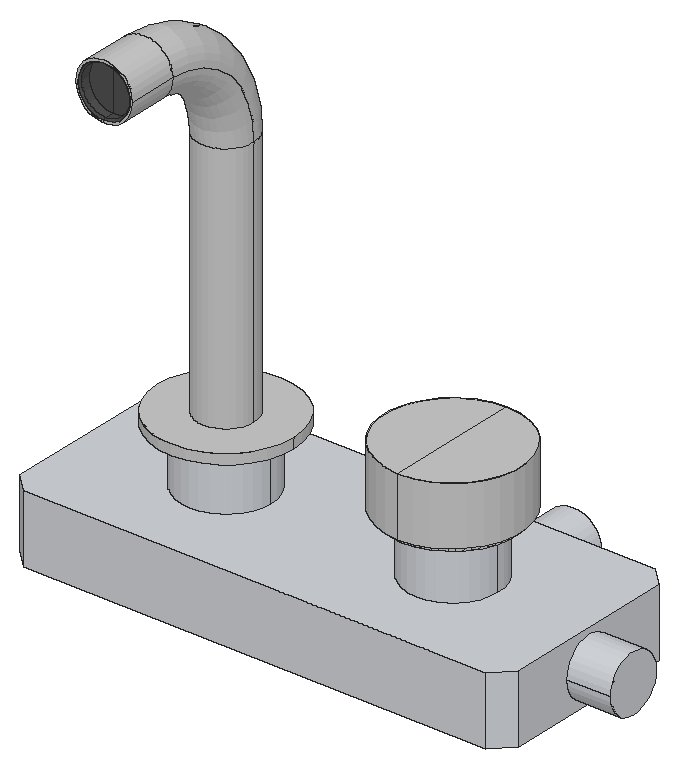
Revit family "Reece_Tap_Milli_Pure_Basin Mixer_Progressive_Wall Mounted_160 mm_Linear Texture", category Plumbing Fixtures, host Face, Revit 2018
Family settings
  Host = Face
  Round Connector Dimension = Use Diameter
  Part Type = Normal
  Cut with Voids When Loaded = No
  Shared = Yes
  Room Calculation Point = Yes
Parameters (values of type "Brushed Nickel")
  WFU = 0  # constant formula
  URL = "https://www.reece.com.au/product/-2224779"
  Type Comments = "Tap"
  Reece_Tap_Reach = 160 mm  # constant formula
  Reece_Tap_Inlet = 12 mm  # constant formula
  Reece_Product_Web Page = "https://www.reece.com.au/product/-2224779"
  Reece_Product_Type = "Tap"  # constant formula
  Reece_Product_Sub Brand = "Pure"  # constant formula
  Reece_Product_Number = "2224779"
  Reece_Product_Mount = "Wall Mounted"
  Reece_Product_Description = "Milli Pure Progressive Wall Basin Mixer Tap System 160mm with Linear Textured Handle Brushed Nickel (3 star)"
  Reece_Product_Brand = "Milli"  # constant formula
  Reece_Overall_Length = 172.5 mm  # constant formula
  Reece_Material_Secondary = Reece_Brass_Brushed Nickel_Linear Pattern
  Reece_Material-Main = Reece_Brass_Brushed Nickel
  Reece_Detail_Tap_Handle Texture = "Linear Texture"  # constant formula
  Reece_Detail_Installation = ""
  Reece_Detail_Disclaimer = "THIS FILE IS THE PROPERTY OF THE REECE GROUP. IT MAY NOT BE REPRODUCED, REVERSE-ENGINEERED OR MODIFIED. ANY REPUBLICATION, TRANSMISSION OR DISTRIBUTION FOR THE PURPOSE OF COMMERCIALLY EXPLOITING THE FILES IS PROHIBITED."  # constant formula
  Reece_Detail_Connector = ""
  Reece_Detail_Additional = "Basin Mixer"  # constant formula
  Reece_3D Texture = no
  Reece_3D Simplified Geometry = not(Reece_3D Texture)  # yes
  Model = "Pure"
  Manufacturer = "Milli"
  Keynote = "Product #2224779, Reece_Tap_Milli_Pure_Basin Mixer_Progressive_Wall Mounted_160 mm_Linear Texture - Brushed Nickel"
  HWFU = 0  # constant formula
  Disclaimer = "THIS FILE IS THE PROPERTY OF THE REECE GROUP. IT MAY NOT BE REPRODUCED, REVERSE-ENGINEERED OR MODIFIED. ANY REPUBLICATION, TRANSMISSION OR DISTRIBUTION FOR THE PURPOSE OF COMMERCIALLY EXPLOITING THE FILES IS PROHIBITED."  # constant formula
  Description = "Milli Pure Progressive Wall Basin Mixer Tap System 160mm with Linear Textured Handle Brushed Nickel (3 star)"
  Default Elevation = 1000 mm
  CWFU = 0  # constant formula
Types (7, lengths in mm): name | URL | Reece_Product_Web Page | Reece_Product_Number | Reece_Product_Description | Reece_Material_Secondary | Reece_Material-Main | Keynote | Description
  (no name) | "https://www.reece.com.au/product/-2224780" | "https://www.reece.com.au/product/-2224780" | "2224780" | "Milli Pure Progressive Wall Basin Mixer Tap System 160mm with Linear Textured Handle Brushed Gunmetal (3 star)" | Reece_Brass_Brushed Gunmetal_Linear Pattern | Reece_Brass_Brushed Gunmetal | "Product #2224780, Reece_Tap_Milli_Pure_Basin Mixer_Progressive_Wall Mounted_160 mm_Linear Texture -  " | "Milli Pure Progressive Wall Basin Mixer Tap System 160mm with Linear Textured Handle Brushed Gunmetal (3 star)"
  Brushed Gunmetal | "https://www.reece.com.au/product/-2224780" | "https://www.reece.com.au/product/-2224780" | "2224780" | "Milli Pure Progressive Wall Basin Mixer Tap System 160mm with Linear Textured Handle Brushed Gunmetal (3 star)" | Reece_Brass_Brushed Gunmetal_Linear Pattern | Reece_Brass_Brushed Gunmetal | "Product #2224780, Reece_Tap_Milli_Pure_Basin Mixer_Progressive_Wall Mounted_160 mm_Linear Texture - Brushed Gunmetal" | "Milli Pure Progressive Wall Basin Mixer Tap System 160mm with Linear Textured Handle Brushed Gunmetal (3 star)"
  Brushed Nickel | "https://www.reece.com.au/product/-2224779" | "https://www.reece.com.au/product/-2224779" | "2224779" | "Milli Pure Progressive Wall Basin Mixer Tap System 160mm with Linear Textured Handle Brushed Nickel (3 star)" | Reece_Brass_Brushed Nickel_Linear Pattern | Reece_Brass_Brushed Nickel | "Product #2224779, Reece_Tap_Milli_Pure_Basin Mixer_Progressive_Wall Mounted_160 mm_Linear Texture - Brushed Nickel" | "Milli Pure Progressive Wall Basin Mixer Tap System 160mm with Linear Textured Handle Brushed Nickel (3 star)"
  Chrome | "https://www.reece.com.au/product/-2224778" | "https://www.reece.com.au/product/-2224778" | "2224778" | "Milli Pure Progressive Wall Basin Mixer Tap System 160mm with Linear Textured Handle Chrome (3 star)" | Reece_Brass_Chrome_Linear Pattern | Reece_Brass_Chrome | "Product #2224778, Reece_Tap_Milli_Pure_Basin Mixer_Progressive_Wall Mounted_160 mm_Linear Texture - Chrome" | "Milli Pure Progressive Wall Basin Mixer Tap System 160mm with Linear Textured Handle Chrome (3 star)"
  Matte Black | "https://www.reece.com.au/product/-2224781" | "https://www.reece.com.au/product/-2224781" | "2224781" | "Milli Pure Progressive Wall Basin Mixer Tap System 160mm with Linear Textured Handle Matte Black (3 star)" | Reece_Brass_Matte Black_Linear Pattern | Reece_Brass_Matte Black | "Product #2224781, Reece_Tap_Milli_Pure_Basin Mixer_Progressive_Wall Mounted_160 mm_Linear Texture - Matte Black" | "Milli Pure Progressive Wall Basin Mixer Tap System 160mm with Linear Textured Handle Matte Black (3 star)"
  PVD Brushed Bronze | "https://www.reece.com.au/product/-9511041" | "https://www.reece.com.au/product/-9511041" | "9511041" | "Milli Pure Progressive Wall Basin Mixer Tap System 160mm with Linear Textured Handle PVD Brushed Bronze (3 Star)" | Reece_PVD_Brushed Bronze_Linear Pattern | Reece_PVD_Brushed Bronze | "Product #9511041, Reece_Tap_Milli_Pure_Basin Mixer_Progressive_Wall Mounted_160 mm_Linear Texture - PVD Brushed Bronze" | "Milli Pure Progressive Wall Basin Mixer Tap System 160mm with Linear Textured Handle PVD Brushed Bronze (3 Star)"
  PVD Brushed Gold | "https://www.reece.com.au/product/-9510856" | "https://www.reece.com.au/product/-9510856" | "9510856" | "Milli Pure Progressive Wall Basin Mixer Tap System 160mm with Linear Textured Handle PVD Brushed Gold (3 Star)" | Reece_PVD_Brushed Gold_Linear Pattern | Reece_PVD_Brushed Gold | "Product #9510856, Reece_Tap_Milli_Pure_Basin Mixer_Progressive_Wall Mounted_160 mm_Linear Texture - PVD Brushed Gold" | "Milli Pure Progressive Wall Basin Mixer Tap System 160mm with Linear Textured Handle PVD Brushed Gold (3 Star)"
Reference planes
  plane 1 "Center (Front/Back)": y = 0
  plane 2 "Bottom": z = 0
  plane 3 "Center (Left/Right)": x = 0
  plane 4 "Top": z = 172.5
  plane 5: z = 160
  plane 6: y = -67
Forms (mm)
  Extrusion 1, solid, material "Reece_Brass_Brushed Nickel" <- "Reece_Material-Main"
    sketch origin (0, 0, 0) x (1, 0, 0) y (0, 1, 0)
      loop
        circle (-50, 0) r 30
    from 0 to 4.5
  Extrusion 2, solid, material "Reece_Brass_Brushed Nickel" <- "Reece_Material-Main"
    sketch origin (0, 0, 0) x (1, 0, 0) y (0, 1, 0)
      loop
        circle (50, 0) r 28
    from 1.5 to 0
  Sweep 3, solid, material "Reece_Brass_Brushed Nickel" <- "Reece_Material-Main"
    path origin (0, 0, 0) x (0, 1, 0) y (0, 0, 1)
      loop
        line (-67, 160) -> (-45, 160)
        arc (-45, 160) -> (-13.18, 146.82) -> (0, 115) r 45
        line (0, 115) -> (0, 0)
    profile origin (0, 0, 57.5) x (1, 0, 0) y (0, 1, 0)
      loop
        circle (-50, 0) r 12.5
      loop
        circle (-50, 0) r 11.5
  Revolve 4, solid, material "Reece_Brass_Matte Black"
    sketch origin (-50, -183.21, 28.488) x (0, 0.572951, -0.81959) y (0, 0.81959, 0.572951)
      loop
        line (-38.39, 174.619) -> (-37.119, 176.437) -> (-46.38, 182.911) -> (-50.465, 177.068) -> (-49.461, 177.508) -> (-47.184, 180.766) -> (-38.39, 174.619)
      axis (-37.119, 176.437) -> (-41.203, 170.594)
    angle from 0 to 360
  Extrusion 5, solid
    sketch origin (0, 0, 0) x (1, 0, 0) y (0, 1, 0)
      loop
        circle (50, 0) r 20
    from 0 to -25
  Extrusion 6, solid
    sketch origin (0, 0, 0) x (1, 0, 0) y (0, 1, 0)
      loop
        line (-101.853, 46.5) -> (-110, 38.353) -> (-110, -38.353) -> (-101.853, -46.5) -> (101.853, -46.5) -> (110, -38.353) -> (110, 38.353) -> (101.853, 46.5) -> (-101.853, 46.5)
    from -55 to -25
  Extrusion 7, solid
    sketch origin (-100, 0, 0) x (1, 0, 0) y (0, 1, 0)
      loop
        circle (50, 0) r 20
    from 0 to -25
  Extrusion 8, solid
    sketch origin (0, 0, 0) x (1, 0, 0) y (0, 0, 1)
      loop
        circle (50, -40) r 12.5
    from -66.119 to -46.5
  Extrusion 9, solid
    sketch origin (63.5, 50, 0) x (0, -1, 0) y (0, 0, 1)
      loop
        circle (50, -40) r 12.5
    from -66.119 to -46.5
  Extrusion 10, void
    sketch origin (-100, 0, 0) x (1, 0, 0) y (0, 1, 0)
      loop
        circle (50, 0) r 25
    from 0 to -30
  Extrusion 11, void
    sketch origin (100, 0, 0) x (-1, 0, 0) y (0, -1, 0)
      loop
        circle (50, 0) r 25
    from 0 to -30
Cuts and joins
  Extrusion 11 cuts Extrusion 1
  Extrusion 11 cuts Sweep 3
  joined: Extrusion 1, Sweep 3
  Extrusion 11 cuts Extrusion 7
  Extrusion 11 cuts Extrusion 8
  Extrusion 11 cuts Extrusion 9
  joined: Extrusion 5, Extrusion 6, Extrusion 7, Extrusion 8, Extrusion 9
Text (mm)
  text "Reece Copyright © 2018, Reece Ltd." at (-1403.988, -1192.393, 0), in view "Ref. Level"
  text "Reece ©" at (44.384, 258.95, 192.345), in view "Reece Preview"
Dimensions and locks
  "Reece_Tap_Reach": plane 5 to plane 2 "Bottom"
  plane 1 "Center (Front/Back)" to plane 6 = 67 mm
  locked: plane 4 "Top" to plane 5 at 12.5
  "Reece_Overall_Length": plane 4 "Top" to plane 2 "Bottom"
  aligned and locked: plane 2 "Bottom" to host face
  aligned and locked: level to host face
  aligned and locked: plane 5 to Sweep 3 sketch curve
  aligned and locked: host face to Extrusion 10
  aligned and locked: plane 6 to Sweep 3 sketch curve
Automatic sketch dimensions
  host sketch curve to host sketch curve = 380.785 mm
  host sketch curve to host sketch curve = 317.421 mm
  plane 1 "Center (Front/Back)" to Extrusion 1 sketch curve = 0 mm
  Extrusion 1 sketch curve to plane 3 "Center (Left/Right)" = 50 mm
  plane 1 "Center (Front/Back)" to Extrusion 2 sketch curve = 0 mm
  plane 3 "Center (Left/Right)" to Extrusion 2 sketch curve = 50 mm
  level to Sweep 3 sketch curve = 0 mm
  Sweep 3 sketch curve to plane 1 "Center (Front/Back)" = 0 mm
  Sweep 3 sketch curve to plane 6 = 22 mm
  Sweep 3 sketch curve to Sweep 3 sketch curve = 0 mm  (x2)
  profile plane to Sweep 3 sketch curve = 0 mm
  Sweep 3 sketch curve to plane 3 "Center (Left/Right)" = 50 mm
  Revolve 4 sketch curve to plane 5 = 0 mm  (x4)
  Revolve 4 sketch curve to plane 6 = 0 mm
  Revolve 4 sketch curve to plane 4 "Top" = 1.2 mm
  Revolve 4 sketch curve to Revolve 4 sketch curve = 1.003 mm
  Revolve 4 sketch curve to Revolve 4 sketch curve = 2.278 mm
  Revolve 4 sketch curve to Revolve 4 sketch curve = 0.803 mm
  Revolve 4 sketch curve to Revolve 4 sketch curve = 1.271 mm
  Revolve 4 sketch curve to Revolve 4 sketch curve = 17.422 mm
  Revolve 4 sketch curve to Revolve 4 sketch curve = 3.892 mm
  Extrusion 5 sketch curve to Extrusion 5 sketch curve = 0 mm  (x2)
  plane 1 "Center (Front/Back)" to Extrusion 5 sketch curve = 0 mm
  plane 3 "Center (Left/Right)" to Extrusion 5 sketch curve = 50 mm
  Extrusion 5 sketch curve to Extrusion 5 sketch curve = 20 mm
  Extrusion 6 sketch curve to Extrusion 6 sketch curve = 8.147 mm  (x7)
  Extrusion 6 sketch curve to plane 1 "Center (Front/Back)" = 46.5 mm
  Extrusion 6 sketch curve to plane 3 "Center (Left/Right)" = 101.853 mm
  Extrusion 6 sketch curve to plane 6 = 20.5 mm
  Extrusion 6 sketch curve to Extrusion 6 sketch curve = 0 mm
  Extrusion 7 sketch curve to Extrusion 7 sketch curve = 0 mm  (x2)
  plane 1 "Center (Front/Back)" to Extrusion 7 sketch curve = 0 mm
  Extrusion 7 sketch curve to plane 3 "Center (Left/Right)" = 50 mm
  Extrusion 7 sketch curve to Extrusion 7 sketch curve = 20 mm
  plane 3 "Center (Left/Right)" to Extrusion 8 sketch curve = 50 mm
  Extrusion 8 sketch curve to level = 40 mm
  Extrusion 9 sketch curve to plane 1 "Center (Front/Back)" = 0 mm
  Extrusion 9 sketch curve to level = 40 mm
  Extrusion 10 sketch curve to Extrusion 10 sketch curve = 0 mm  (x2)
  plane 1 "Center (Front/Back)" to Extrusion 10 sketch curve = 0 mm
  Extrusion 10 sketch curve to plane 3 "Center (Left/Right)" = 50 mm
  Extrusion 10 sketch curve to Extrusion 10 sketch curve = 25 mm
  Extrusion 11 sketch curve to Extrusion 11 sketch curve = 0 mm  (x2)
  plane 1 "Center (Front/Back)" to Extrusion 11 sketch curve = 0 mm
  Extrusion 11 sketch curve to plane 3 "Center (Left/Right)" = 50 mm
  Extrusion 11 sketch curve to Extrusion 11 sketch curve = 25 mm
  plane 3 "Center (Left/Right)" to Extrusion 6 sketch curve = 101.853 mm
  radius of Extrusion 1 sketch curve = 30 mm
  radius of Extrusion 2 sketch curve = 28 mm
  radius of Sweep 3 sketch curve = 12.5 mm
  radius of Sweep 3 sketch curve = 11.5 mm
  radius of Extrusion 8 sketch curve = 12.5 mm
  radius of Extrusion 9 sketch curve = 12.5 mm
Nested families
  nested 1: "Reece_Tap_Milli_Pure_Diverter_Linear Texture_Cap_60mm" at (50, 0, 0), visible <- "Reece_3D Texture", Reece_Material-Main <- "Reece_Material-Main", Reece_Material_Secondary <- "Reece_Material_Secondary", type "60mm x 28mm"
    with Reece_Material_Secondary Reece_Brass_Brushed Nickel_Linear Pattern, Reece_Material-Main Reece_Brass_Brushed Nickel
  nested 2: "Reece_Tap_Milli_Pure_Diverter_Texture_Main_Nested" at (50, 0, 0), visible <- "Reece_3D Simplified Geometry", Reece_Material-Main <- "Reece_Material-Main", Reece_Material_Secondary <- "Reece_Material_Secondary", type "60mm x 28mm"
    with Reece_Material_Secondary Reece_Brass_Brushed Nickel_Linear Pattern, Reece_Material-Main Reece_Brass_Brushed Nickel
Connectors
  piping at (50, 66.119, -40), diameter 12, driven by "Reece_Tap_Inlet"
    settings: on cut or joined group of Extrusion 5, Extrusion 6, Extrusion 7, Extrusion 8, Extrusion 9, Extrusion 11, index 1, connector inside diameter 609.6 mm, connector length 0 mm, flow factor 0, pipe flow 0.0 L/s, pressure drop 0.0 Pa, fitting loss kfactor 0, connector angle 0.00°, fixture units 0, engagement length 0 mm, angle of deflection 0.00°, flow configuration 0, flow direction 1, fitting loss method 0, system type 29, joint type 0, gender type 0, connector reference index -1, connector utility 0, adjustable connector no, is connector primary yes, connector description ""
  piping at (129.619, 0, -40), diameter 12, driven by "Reece_Tap_Inlet"
    settings: on cut or joined group of Extrusion 5, Extrusion 6, Extrusion 7, Extrusion 8, Extrusion 9, Extrusion 11, index 2, connector inside diameter 609.6 mm, connector length 0 mm, flow factor 0, pipe flow 0.0 L/s, pressure drop 0.0 Pa, fitting loss kfactor 0, connector angle 0.00°, fixture units 0, engagement length 0 mm, angle of deflection 0.00°, flow configuration 0, flow direction 1, fitting loss method 0, system type 29, joint type 0, gender type 0, connector reference index -1, connector utility 0, adjustable connector no, is connector primary no, connector description ""
Definition of nested family "Reece_Tap_Milli_Pure_Diverter_Linear Texture_Cap_60mm"
  Parameters (values of type "60mm x 28mm")
    WFU = 0  # constant formula
    Reece_Tap_Inlet = 0 mm
    Reece_Overall_Length = 60 mm
    Reece_Overall_Height = 28 mm
    Reece_Material_Secondary [instance] = none
    Reece_Material-Main [instance] = none
    Reece_Detail_Installation = ""
    Reece_Detail_Connector = ""
    Reece_Detail_Additional = ""
    HWFU = 0  # constant formula
    Default Elevation = 1000 mm
    CWFU = 0  # constant formula
  Reference planes
    plane 1 "Center (Front/Back)": y = 0
    plane 2 "Bottom": z = 0
    plane 3 "Center (Left/Right)": x = 0
    plane 4: z = 28
    plane 5: y = -30
    plane 6: y = 30
  Forms (mm)
    Extrusion 1, solid
      sketch origin (619.2, -619.2, 0) x (1, 0, 0) y (0, 1, 0)
        loop
          line (-809.2, 779.2) -> (-809.2, 461.779) -> (-428.415, 461.779) -> (-428.415, 779.2) -> (-809.2, 779.2)
      from 0 to -9.564
    Revolve 2, solid, material <- "Reece_Material-Main"
      sketch origin (0, 0, -140.292) x (0, 1, 0) y (0, 0, 1)
        loop
          line (0, 148.292) -> (-30, 148.292) -> (-30, 142.292) -> (-27.915, 142.292) -> (-27.915, 140.292) -> (-25.915, 140.292) -> (-25.915, 144.803) -> (0, 144.803) -> (0, 148.292)
        axis (0, 140.292) -> (0, 148.292)
      angle from 0 to 360
    Extrusion 3, solid, material <- "Reece_Material-Main"
      sketch origin (300, 0, 0) x (1, 0, 0) y (0, 1, 0)
        loop
          arc (-296.155, 28.799) -> (-297.018, 29.853) -> (-298.073, 28.991) r 0.964
          arc (-298.073, 28.991) -> (-298.726, 29.95) -> (-299.664, 29.266) r 0.808
          arc (-299.664, 29.266) -> (-300.6, 29.978) -> (-301.291, 29.026) r 0.823
          arc (-301.291, 29.026) -> (-302.327, 29.911) -> (-303.213, 28.877) r 0.964
          arc (-303.213, 28.877) -> (-304.305, 29.691) -> (-305.121, 28.6) r 0.964
          arc (-305.121, 28.6) -> (-306.265, 29.34) -> (-307.007, 28.197) r 0.964
          arc (-307.007, 28.197) -> (-308.197, 28.86) -> (-308.861, 27.671) r 0.964
          arc (-308.861, 27.671) -> (-310.093, 28.253) -> (-310.677, 27.022) r 0.964
          arc (-310.677, 27.022) -> (-311.945, 27.522) -> (-312.445, 26.254) r 0.964
          arc (-312.445, 26.254) -> (-313.743, 26.669) -> (-314.159, 25.371) r 0.964
          arc (-314.159, 25.371) -> (-315.482, 25.699) -> (-315.811, 24.376) r 0.964
          arc (-315.811, 24.376) -> (-317.152, 24.615) -> (-317.393, 23.274) r 0.964
          arc (-317.393, 23.274) -> (-318.747, 23.423) -> (-318.898, 22.069) r 0.964
          arc (-318.898, 22.069) -> (-320.259, 22.129) -> (-320.32, 20.767) r 0.964
          arc (-320.32, 20.767) -> (-321.682, 20.736) -> (-321.652, 19.374) r 0.964
          arc (-321.652, 19.374) -> (-323.01, 19.253) -> (-322.89, 17.895) r 0.964
          arc (-322.89, 17.895) -> (-324.236, 17.684) -> (-324.026, 16.338) r 0.964
          arc (-324.026, 16.338) -> (-325.355, 16.038) -> (-325.057, 14.708) r 0.964
          arc (-325.057, 14.708) -> (-326.363, 14.321) -> (-325.977, 13.014) r 0.964
          arc (-325.977, 13.014) -> (-327.255, 12.541) -> (-326.783, 11.263) r 0.964
          arc (-326.783, 11.263) -> (-328.027, 10.706) -> (-327.471, 9.462) r 0.964
          arc (-327.471, 9.462) -> (-328.675, 8.824) -> (-328.038, 7.619) r 0.964
          arc (-328.038, 7.619) -> (-329.197, 6.902) -> (-328.482, 5.743) r 0.964
          arc (-328.482, 5.743) -> (-329.59, 4.951) -> (-328.8, 3.841) r 0.964
          arc (-328.8, 3.841) -> (-329.854, 2.978) -> (-328.991, 1.923) r 0.964
          arc (-328.991, 1.923) -> (-329.985, 0.991) -> (-329.055, -0.004) r 0.964
          arc (-329.055, -0.004) -> (-329.985, -1) -> (-328.991, -1.931) r 0.964
          arc (-328.991, -1.931) -> (-329.853, -2.986) -> (-328.799, -3.85) r 0.964
          arc (-328.799, -3.85) -> (-329.589, -4.96) -> (-328.48, -5.751) r 0.964
          arc (-328.48, -5.751) -> (-329.195, -6.911) -> (-328.036, -7.627) r 0.964
          arc (-328.036, -7.627) -> (-328.672, -8.832) -> (-327.468, -9.47) r 0.964
          arc (-327.468, -9.47) -> (-328.023, -10.714) -> (-326.78, -11.271) r 0.964
          arc (-326.78, -11.271) -> (-327.251, -12.549) -> (-325.973, -13.022) r 0.964
          arc (-325.973, -13.022) -> (-326.359, -14.329) -> (-325.052, -14.716) r 0.964
          arc (-325.052, -14.716) -> (-325.351, -16.045) -> (-324.021, -16.345) r 0.964
          arc (-324.021, -16.345) -> (-324.231, -17.691) -> (-322.884, -17.902) r 0.964
          arc (-322.884, -17.902) -> (-323.004, -19.259) -> (-321.647, -19.38) r 0.964
          arc (-321.647, -19.38) -> (-321.676, -20.743) -> (-320.314, -20.773) r 0.964
          arc (-320.314, -20.773) -> (-320.253, -22.135) -> (-318.891, -22.075) r 0.964
          arc (-318.891, -22.075) -> (-318.74, -23.429) -> (-317.386, -23.279) r 0.964
          arc (-317.386, -23.279) -> (-317.145, -24.62) -> (-315.804, -24.381) r 0.964
          arc (-315.804, -24.381) -> (-315.474, -25.703) -> (-314.152, -25.375) r 0.964
          arc (-314.152, -25.375) -> (-313.736, -26.673) -> (-312.438, -26.258) r 0.964
          arc (-312.438, -26.258) -> (-311.936, -27.525) -> (-310.669, -27.025) r 0.964
          arc (-310.669, -27.025) -> (-310.085, -28.256) -> (-308.853, -27.673) r 0.964
          arc (-308.853, -27.673) -> (-308.189, -28.863) -> (-306.998, -28.199) r 0.964
          arc (-306.998, -28.199) -> (-306.256, -29.342) -> (-305.113, -28.601) r 0.964
          arc (-305.113, -28.601) -> (-304.297, -29.693) -> (-303.205, -28.878) r 0.964
          arc (-303.205, -28.878) -> (-302.318, -29.912) -> (-301.282, -29.026) r 0.964
          arc (-301.282, -29.026) -> (-300.329, -30) -> (-299.354, -29.048) r 0.964
          arc (-299.354, -29.048) -> (-298.339, -29.956) -> (-297.429, -28.941) r 0.964
          arc (-297.429, -28.941) -> (-296.356, -29.78) -> (-295.516, -28.707) r 0.964
          arc (-295.516, -28.707) -> (-294.389, -29.472) -> (-293.622, -28.346) r 0.964
          arc (-293.622, -28.346) -> (-292.446, -29.035) -> (-291.756, -27.861) r 0.964
          arc (-291.756, -27.861) -> (-290.537, -28.47) -> (-289.926, -27.252) r 0.964
          arc (-289.926, -27.252) -> (-288.67, -27.78) -> (-288.141, -26.524) r 0.964
          arc (-288.141, -26.524) -> (-286.852, -26.968) -> (-286.408, -25.679) r 0.964
          arc (-286.408, -25.679) -> (-285.093, -26.036) -> (-284.735, -24.722) r 0.964
          arc (-284.735, -24.722) -> (-283.399, -24.99) -> (-283.129, -23.655) r 0.964
          arc (-283.129, -23.655) -> (-281.778, -23.834) -> (-281.597, -22.484) r 0.964
          arc (-281.597, -22.484) -> (-280.238, -22.573) -> (-280.147, -21.214) r 0.964
          arc (-280.147, -21.214) -> (-278.784, -21.213) -> (-278.783, -19.85) r 0.964
          arc (-278.783, -19.85) -> (-277.424, -19.759) -> (-277.514, -18.399) r 0.964
          arc (-277.514, -18.399) -> (-276.163, -18.218) -> (-276.343, -16.868) r 0.964
          arc (-276.343, -16.868) -> (-275.007, -16.597) -> (-275.276, -15.262) r 0.964
          arc (-275.276, -15.262) -> (-273.962, -14.903) -> (-274.319, -13.588) r 0.964
          arc (-274.319, -13.588) -> (-273.03, -13.144) -> (-273.474, -11.855) r 0.964
          arc (-273.474, -11.855) -> (-272.218, -11.326) -> (-272.746, -10.07) r 0.964
          arc (-272.746, -10.07) -> (-271.528, -9.459) -> (-272.138, -8.24) r 0.964
          arc (-272.138, -8.24) -> (-270.964, -7.549) -> (-271.653, -6.374) r 0.964
          arc (-271.653, -6.374) -> (-270.527, -5.607) -> (-271.293, -4.48) r 0.964
          arc (-271.293, -4.48) -> (-270.22, -3.64) -> (-271.059, -2.566) r 0.964
          arc (-271.059, -2.566) -> (-270.044, -1.657) -> (-270.952, -0.641) r 0.964
          arc (-270.952, -0.641) -> (-270, 0.333) -> (-270.974, 1.287) r 0.964
          arc (-270.974, 1.287) -> (-270.088, 2.322) -> (-271.123, 3.209) r 0.964
          arc (-271.123, 3.209) -> (-270.308, 4.301) -> (-271.399, 5.117) r 0.964
          arc (-271.399, 5.117) -> (-270.659, 6.261) -> (-271.802, 7.002) r 0.964
          arc (-271.802, 7.002) -> (-271.138, 8.193) -> (-272.328, 8.857) r 0.964
          arc (-272.328, 8.857) -> (-271.745, 10.089) -> (-272.977, 10.673) r 0.964
          arc (-272.977, 10.673) -> (-272.477, 11.941) -> (-273.744, 12.442) r 0.964
          arc (-273.744, 12.442) -> (-273.329, 13.74) -> (-274.627, 14.156) r 0.964
          arc (-274.627, 14.156) -> (-274.299, 15.478) -> (-275.621, 15.807) r 0.964
          arc (-275.621, 15.807) -> (-275.382, 17.149) -> (-276.723, 17.389) r 0.964
          arc (-276.723, 17.389) -> (-276.574, 18.744) -> (-277.928, 18.895) r 0.964
          arc (-277.928, 18.895) -> (-277.868, 20.256) -> (-279.23, 20.317) r 0.964
          arc (-279.23, 20.317) -> (-279.261, 21.679) -> (-280.623, 21.65) r 0.964
          arc (-280.623, 21.65) -> (-280.744, 23.007) -> (-282.101, 22.887) r 0.964
          arc (-282.101, 22.887) -> (-282.312, 24.233) -> (-283.659, 24.024) r 0.964
          arc (-283.659, 24.024) -> (-283.958, 25.353) -> (-285.288, 25.055) r 0.964
          arc (-285.288, 25.055) -> (-285.675, 26.361) -> (-286.982, 25.975) r 0.964
          arc (-286.982, 25.975) -> (-287.455, 27.253) -> (-288.733, 26.781) r 0.964
          arc (-288.733, 26.781) -> (-289.29, 28.025) -> (-290.534, 27.47) r 0.964
          arc (-290.534, 27.47) -> (-291.172, 28.674) -> (-292.377, 28.037) r 0.964
          arc (-292.377, 28.037) -> (-293.093, 29.196) -> (-294.253, 28.481) r 0.964
          arc (-294.253, 28.481) -> (-295.045, 29.59) -> (-296.155, 28.799) r 0.964
      from 8 to 28
  Text (mm)
    text "Reece Copyright © 2018, Reece Ltd." at (-1403.988, -1192.393, 0), in view "Ref. Level"
    text "Reece ©" at (44.384, 258.95, 192.345), in view "Reece Preview"
  Dimensions and locks
    "Reece_Overall_Height": plane 4 to plane 2 "Bottom"
    "Reece_Overall_Length": plane 5 to plane 6
    equal spacing: plane 6, plane 1 "Center (Front/Back)", plane 5
    aligned and locked: plane 2 "Bottom" to Extrusion 1
    aligned and locked: level to Extrusion 1
    aligned and locked: plane 4 to Extrusion 3
  Automatic sketch dimensions
    Extrusion 1 sketch curve to Extrusion 1 sketch curve = 380.785 mm
    Extrusion 1 sketch curve to Extrusion 1 sketch curve = 317.421 mm
    level to Revolve 2 sketch curve = 0 mm
    Revolve 2 sketch curve to plane 1 "Center (Front/Back)" = 0 mm  (x2)
    level to Revolve 2 sketch curve = 2 mm
    level to Revolve 2 sketch curve = 4.511 mm
    Revolve 2 sketch curve to Revolve 2 sketch curve = 3.489 mm
    plane 4 to Revolve 2 sketch curve = 17.996 mm
    Revolve 2 sketch curve to Revolve 2 sketch curve = 3.712 mm
    Revolve 2 sketch curve to plane 5 = 0 mm
    Extrusion 3 sketch curve to plane 1 "Center (Front/Back)" = 0.959 mm
    Extrusion 3 sketch curve to plane 3 "Center (Left/Right)" = 29.022 mm
    plane 1 "Center (Front/Back)" to Extrusion 3 sketch curve = 0.968 mm
    Extrusion 3 sketch curve to Extrusion 3 sketch curve = 0 mm
    Extrusion 3 sketch curve to Extrusion 3 sketch curve = 0.128 mm  (x2)
    Extrusion 3 sketch curve to Extrusion 3 sketch curve = 0.255 mm  (x2)
    Extrusion 3 sketch curve to Extrusion 3 sketch curve = 0.381 mm  (x2)
    Extrusion 3 sketch curve to Extrusion 3 sketch curve = 0.505 mm
    Extrusion 3 sketch curve to Extrusion 3 sketch curve = 0.506 mm
    Extrusion 3 sketch curve to Extrusion 3 sketch curve = 0.627 mm
    Extrusion 3 sketch curve to Extrusion 3 sketch curve = 0.628 mm  (x2)
    Extrusion 3 sketch curve to Extrusion 3 sketch curve = 0.747 mm  (x3)
    Extrusion 3 sketch curve to Extrusion 3 sketch curve = 0.863 mm  (x2)
    Extrusion 3 sketch curve to Extrusion 3 sketch curve = 0.864 mm
    Extrusion 3 sketch curve to Extrusion 3 sketch curve = 0.975 mm
    Extrusion 3 sketch curve to Extrusion 3 sketch curve = 0.976 mm  (x2)
    Extrusion 3 sketch curve to Extrusion 3 sketch curve = 1.084 mm  (x3)
    Extrusion 3 sketch curve to Extrusion 3 sketch curve = 1.187 mm  (x3)
    Extrusion 3 sketch curve to Extrusion 3 sketch curve = 1.285 mm  (x3)
    Extrusion 3 sketch curve to Extrusion 3 sketch curve = 1.377 mm  (x2)
    Extrusion 3 sketch curve to Extrusion 3 sketch curve = 1.378 mm
    Extrusion 3 sketch curve to Extrusion 3 sketch curve = 1.464 mm  (x3)
    Extrusion 3 sketch curve to Extrusion 3 sketch curve = 1.544 mm  (x3)
    Extrusion 3 sketch curve to Extrusion 3 sketch curve = 1.617 mm  (x3)
    Extrusion 3 sketch curve to Extrusion 3 sketch curve = 1.683 mm  (x3)
    Extrusion 3 sketch curve to Extrusion 3 sketch curve = 1.741 mm  (x3)
    Extrusion 3 sketch curve to Extrusion 3 sketch curve = 1.792 mm  (x3)
    Extrusion 3 sketch curve to Extrusion 3 sketch curve = 1.835 mm  (x3)
    Extrusion 3 sketch curve to Extrusion 3 sketch curve = 1.87 mm  (x3)
    Extrusion 3 sketch curve to Extrusion 3 sketch curve = 1.897 mm  (x3)
    Extrusion 3 sketch curve to Extrusion 3 sketch curve = 1.915 mm  (x3)
    Extrusion 3 sketch curve to plane 3 "Center (Left/Right)" = 0.48 mm
    Extrusion 3 sketch curve to plane 3 "Center (Left/Right)" = 0.318 mm
    plane 3 "Center (Left/Right)" to Extrusion 3 sketch curve = 1.136 mm
    plane 3 "Center (Left/Right)" to Extrusion 3 sketch curve = 1.608 mm
    Extrusion 3 sketch curve to Extrusion 3 sketch curve = 1.75 mm
    Extrusion 3 sketch curve to Extrusion 3 sketch curve = 1.919 mm  (x2)
    Extrusion 3 sketch curve to Extrusion 3 sketch curve = 1.91 mm  (x2)
    Extrusion 3 sketch curve to Extrusion 3 sketch curve = 1.904 mm  (x2)
    Extrusion 3 sketch curve to Extrusion 3 sketch curve = 1.889 mm  (x3)
    Extrusion 3 sketch curve to Extrusion 3 sketch curve = 1.88 mm  (x2)
    Extrusion 3 sketch curve to Extrusion 3 sketch curve = 1.859 mm  (x3)
    Extrusion 3 sketch curve to Extrusion 3 sketch curve = 1.848 mm  (x2)
    Extrusion 3 sketch curve to Extrusion 3 sketch curve = 1.822 mm  (x3)
    Extrusion 3 sketch curve to Extrusion 3 sketch curve = 1.807 mm  (x2)
    Extrusion 3 sketch curve to Extrusion 3 sketch curve = 1.776 mm  (x3)
    Extrusion 3 sketch curve to Extrusion 3 sketch curve = 1.759 mm  (x2)
    Extrusion 3 sketch curve to Extrusion 3 sketch curve = 1.723 mm  (x3)
    Extrusion 3 sketch curve to Extrusion 3 sketch curve = 1.703 mm  (x2)
    Extrusion 3 sketch curve to Extrusion 3 sketch curve = 1.662 mm  (x2)
    Extrusion 3 sketch curve to Extrusion 3 sketch curve = 1.639 mm
    Extrusion 3 sketch curve to Extrusion 3 sketch curve = 1.593 mm  (x3)
    Extrusion 3 sketch curve to Extrusion 3 sketch curve = 1.569 mm  (x2)
    Extrusion 3 sketch curve to Extrusion 3 sketch curve = 1.518 mm  (x3)
    Extrusion 3 sketch curve to Extrusion 3 sketch curve = 1.491 mm  (x2)
    Extrusion 3 sketch curve to Extrusion 3 sketch curve = 1.436 mm  (x3)
    Extrusion 3 sketch curve to Extrusion 3 sketch curve = 1.407 mm  (x2)
    Extrusion 3 sketch curve to Extrusion 3 sketch curve = 1.347 mm  (x2)
    Extrusion 3 sketch curve to Extrusion 3 sketch curve = 1.316 mm
    Extrusion 3 sketch curve to Extrusion 3 sketch curve = 1.253 mm  (x3)
    Extrusion 3 sketch curve to Extrusion 3 sketch curve = 1.22 mm  (x2)
    Extrusion 3 sketch curve to Extrusion 3 sketch curve = 1.153 mm  (x3)
    Extrusion 3 sketch curve to Extrusion 3 sketch curve = 1.119 mm  (x2)
    Extrusion 3 sketch curve to Extrusion 3 sketch curve = 1.048 mm  (x2)
    Extrusion 3 sketch curve to Extrusion 3 sketch curve = 1.012 mm  (x2)
    Extrusion 3 sketch curve to Extrusion 3 sketch curve = 0.939 mm  (x3)
    Extrusion 3 sketch curve to Extrusion 3 sketch curve = 0.901 mm  (x3)
    Extrusion 3 sketch curve to Extrusion 3 sketch curve = 0.825 mm  (x5)
    Extrusion 3 sketch curve to Extrusion 3 sketch curve = 0.786 mm  (x2)
    Extrusion 3 sketch curve to Extrusion 3 sketch curve = 0.708 mm  (x2)
    Extrusion 3 sketch curve to Extrusion 3 sketch curve = 0.668 mm  (x2)
    Extrusion 3 sketch curve to Extrusion 3 sketch curve = 0.587 mm
    Extrusion 3 sketch curve to Extrusion 3 sketch curve = 0.546 mm
    Extrusion 3 sketch curve to Extrusion 3 sketch curve = 0.464 mm
    Extrusion 3 sketch curve to Extrusion 3 sketch curve = 0.423 mm  (x2)
    Extrusion 3 sketch curve to Extrusion 3 sketch curve = 0.339 mm
    Extrusion 3 sketch curve to Extrusion 3 sketch curve = 0.297 mm
    Extrusion 3 sketch curve to Extrusion 3 sketch curve = 0.213 mm
    plane 1 "Center (Front/Back)" to Extrusion 3 sketch curve = 1.604 mm
    Extrusion 3 sketch curve to Extrusion 3 sketch curve = 0.17 mm
    Extrusion 3 sketch curve to plane 1 "Center (Front/Back)" = 0.323 mm
    Extrusion 3 sketch curve to Extrusion 3 sketch curve = 0.085 mm
    Extrusion 3 sketch curve to Extrusion 3 sketch curve = 1.317 mm
    Extrusion 3 sketch curve to Extrusion 3 sketch curve = 1.64 mm
    Extrusion 3 sketch curve to Extrusion 3 sketch curve = 1.661 mm
    Extrusion 3 sketch curve to Extrusion 3 sketch curve = 1.923 mm  (x2)
    Extrusion 3 sketch curve to Extrusion 3 sketch curve = 1.925 mm
    Extrusion 3 sketch curve to Extrusion 3 sketch curve = 1.348 mm
    Extrusion 3 sketch curve to Extrusion 3 sketch curve = 1.049 mm
    plane 1 "Center (Front/Back)" to Extrusion 3 sketch curve = 0.004 mm
    Extrusion 3 sketch curve to Extrusion 3 sketch curve = 0.033 mm
    Extrusion 3 sketch curve to Extrusion 3 sketch curve = 0.031 mm  (x2)
    Extrusion 3 sketch curve to Extrusion 3 sketch curve = 0.16 mm  (x2)
    Extrusion 3 sketch curve to Extrusion 3 sketch curve = 0.158 mm
    Extrusion 3 sketch curve to Extrusion 3 sketch curve = 0.223 mm
    Extrusion 3 sketch curve to Extrusion 3 sketch curve = 0.221 mm
    Extrusion 3 sketch curve to Extrusion 3 sketch curve = 0.285 mm
    Extrusion 3 sketch curve to Extrusion 3 sketch curve = 0.345 mm
    Extrusion 3 sketch curve to Extrusion 3 sketch curve = 0.283 mm
    Extrusion 3 sketch curve to Extrusion 3 sketch curve = 0.343 mm
    Extrusion 3 sketch curve to Extrusion 3 sketch curve = 0.404 mm
    Extrusion 3 sketch curve to Extrusion 3 sketch curve = 0.402 mm
    Extrusion 3 sketch curve to Extrusion 3 sketch curve = 0.461 mm
    Extrusion 3 sketch curve to Extrusion 3 sketch curve = 0.459 mm
    Extrusion 3 sketch curve to Extrusion 3 sketch curve = 0.516 mm
    Extrusion 3 sketch curve to Extrusion 3 sketch curve = 0.569 mm
    Extrusion 3 sketch curve to Extrusion 3 sketch curve = 0.515 mm
    Extrusion 3 sketch curve to Extrusion 3 sketch curve = 0.567 mm
    Extrusion 3 sketch curve to Extrusion 3 sketch curve = 0.568 mm
    Extrusion 3 sketch curve to Extrusion 3 sketch curve = 0.667 mm
    Extrusion 3 sketch curve to Extrusion 3 sketch curve = 0.618 mm
    Extrusion 3 sketch curve to Extrusion 3 sketch curve = 0.712 mm  (x2)
    Extrusion 3 sketch curve to Extrusion 3 sketch curve = 0.71 mm
    Extrusion 3 sketch curve to Extrusion 3 sketch curve = 0.711 mm
    Extrusion 3 sketch curve to Extrusion 3 sketch curve = 0.791 mm  (x2)
    Extrusion 3 sketch curve to Extrusion 3 sketch curve = 0.752 mm
    Extrusion 3 sketch curve to Extrusion 3 sketch curve = 0.826 mm  (x2)
    Extrusion 3 sketch curve to Extrusion 3 sketch curve = 0.885 mm  (x2)
    Extrusion 3 sketch curve to Extrusion 3 sketch curve = 0.908 mm  (x2)
    Extrusion 3 sketch curve to Extrusion 3 sketch curve = 0.907 mm
    Extrusion 3 sketch curve to Extrusion 3 sketch curve = 0.928 mm
    Extrusion 3 sketch curve to Extrusion 3 sketch curve = 0.914 mm
    Extrusion 3 sketch curve to Extrusion 3 sketch curve = 0.922 mm
    Extrusion 3 sketch curve to Extrusion 3 sketch curve = 0.915 mm
    Extrusion 3 sketch curve to Extrusion 3 sketch curve = 0.893 mm
    Extrusion 3 sketch curve to Extrusion 3 sketch curve = 0.847 mm
    Extrusion 3 sketch curve to Extrusion 3 sketch curve = 0.836 mm
    Extrusion 3 sketch curve to Extrusion 3 sketch curve = 0.814 mm
    Extrusion 3 sketch curve to Extrusion 3 sketch curve = 0.837 mm
    Extrusion 3 sketch curve to Extrusion 3 sketch curve = 0.815 mm
    Extrusion 3 sketch curve to Extrusion 3 sketch curve = 0.765 mm
    Extrusion 3 sketch curve to Extrusion 3 sketch curve = 0.739 mm
    Extrusion 3 sketch curve to Extrusion 3 sketch curve = 0.725 mm
    Extrusion 3 sketch curve to Extrusion 3 sketch curve = 0.696 mm
    Extrusion 3 sketch curve to Extrusion 3 sketch curve = 0.726 mm
    Extrusion 3 sketch curve to Extrusion 3 sketch curve = 0.65 mm
    Extrusion 3 sketch curve to Extrusion 3 sketch curve = 0.682 mm
    Extrusion 3 sketch curve to Extrusion 3 sketch curve = 0.601 mm
    Extrusion 3 sketch curve to Extrusion 3 sketch curve = 0.636 mm
    Extrusion 3 sketch curve to Extrusion 3 sketch curve = 0.603 mm
    Extrusion 3 sketch curve to Extrusion 3 sketch curve = 0.586 mm
    Extrusion 3 sketch curve to Extrusion 3 sketch curve = 0.497 mm
    Extrusion 3 sketch curve to Extrusion 3 sketch curve = 0.534 mm
    Extrusion 3 sketch curve to Extrusion 3 sketch curve = 0.441 mm
    Extrusion 3 sketch curve to Extrusion 3 sketch curve = 0.421 mm
    Extrusion 3 sketch curve to Extrusion 3 sketch curve = 0.442 mm
    Extrusion 3 sketch curve to Extrusion 3 sketch curve = 0.385 mm
    Extrusion 3 sketch curve to Extrusion 3 sketch curve = 0.365 mm
    Extrusion 3 sketch curve to Extrusion 3 sketch curve = 0.325 mm
    Extrusion 3 sketch curve to Extrusion 3 sketch curve = 0.242 mm
    Extrusion 3 sketch curve to Extrusion 3 sketch curve = 0.2 mm
    Extrusion 3 sketch curve to Extrusion 3 sketch curve = 0.244 mm
    Extrusion 3 sketch curve to Extrusion 3 sketch curve = 0.202 mm
    Extrusion 3 sketch curve to Extrusion 3 sketch curve = 0.181 mm
    Extrusion 3 sketch curve to Extrusion 3 sketch curve = 0.074 mm
    Extrusion 3 sketch curve to Extrusion 3 sketch curve = 0.118 mm
    Extrusion 3 sketch curve to Extrusion 3 sketch curve = 0.01 mm
    Extrusion 3 sketch curve to Extrusion 3 sketch curve = 0.323 mm
    Extrusion 3 sketch curve to Extrusion 3 sketch curve = 0.262 mm  (x2)
    plane 6 to Extrusion 3 sketch curve = 1.742 mm
    plane 6 to Extrusion 3 sketch curve = 1.602 mm
    plane 6 to Extrusion 3 sketch curve = 1.361 mm
    plane 6 to Extrusion 3 sketch curve = 1.263 mm
    plane 6 to Extrusion 3 sketch curve = 1.106 mm
    plane 6 to Extrusion 3 sketch curve = 1.05 mm
    plane 6 to Extrusion 3 sketch curve = 0.846 mm
    plane 6 to Extrusion 3 sketch curve = 0.836 mm
    Extrusion 3 sketch curve to Extrusion 3 sketch curve = 0.943 mm  (x3)
    Extrusion 3 sketch curve to Extrusion 3 sketch curve = 0.954 mm  (x3)
    Extrusion 3 sketch curve to Extrusion 3 sketch curve = 0.811 mm
    plane 3 "Center (Left/Right)" to Extrusion 3 sketch curve = 0.336 mm
    Extrusion 3 sketch curve to Extrusion 3 sketch curve = 0.951 mm  (x3)
    Extrusion 3 sketch curve to Extrusion 3 sketch curve = 0.938 mm
    plane 5 to Revolve 2 sketch curve = 2.085 mm
    Revolve 2 sketch curve to Revolve 2 sketch curve = 2 mm
    plane 5 to Extrusion 3 sketch curve = 1.898 mm
    plane 5 to Extrusion 3 sketch curve = 1.601 mm
    plane 5 to Extrusion 3 sketch curve = 1.475 mm
    plane 5 to Extrusion 3 sketch curve = 1.262 mm
    plane 5 to Extrusion 3 sketch curve = 1.177 mm
    plane 5 to Extrusion 3 sketch curve = 1.049 mm
    plane 5 to Extrusion 3 sketch curve = 1.007 mm
    plane 5 to Extrusion 3 sketch curve = 0.964 mm
    Extrusion 3 sketch curve to Extrusion 3 sketch curve = 0.964 mm
    plane 3 "Center (Left/Right)" to Extrusion 3 sketch curve = 0.646 mm
    Extrusion 3 sketch curve to Extrusion 3 sketch curve = 0.957 mm  (x2)
    Extrusion 3 sketch curve to Extrusion 3 sketch curve = 0.933 mm
Definition of nested family "Reece_Tap_Milli_Pure_Diverter_Texture_Main_Nested"
  Parameters (values of type "54mm x 30mm")
    WFU = 0  # constant formula
    Reece_Overall_Width = 54 mm
    Reece_Overall_Height = 30 mm
    Reece_Material_Secondary [instance] = none
    Reece_Material-Main [instance] = none
    Reece_Detail_Installation = ""
    Reece_Detail_Connector = ""
    Reece_Detail_Additional = ""
    HWFU = 0  # constant formula
    Default Elevation = 1000 mm
    CWFU = 0  # constant formula
  Types (3, lengths in mm): name | Reece_Overall_Width | Reece_Overall_Height
    62mm x 30mm | 62 | 30
    60mm x 28mm | 60 | 28
    54mm x 30mm | 54 | 30
  Reference planes
    plane 1 "Center (Front/Back)": y = 0
    plane 2 "Bottom": z = 0
    plane 3 "Center (Left/Right)": x = 0
    plane 4: y = -27
    plane 5: y = 27
    plane 6: z = 30
    plane 7: y = -25
    plane 8: y = 25
    plane 9: z = 16
    plane 10: z = 2
  Forms (mm)
    Extrusion 1, solid
      sketch origin (619.2, -619.2, 0) x (1, 0, 0) y (0, 1, 0)
        loop
          line (-809.2, 779.2) -> (-809.2, 461.779) -> (-428.415, 461.779) -> (-428.415, 779.2) -> (-809.2, 779.2)
      from 0 to -9.564
    Revolve 2, solid, material <- "Reece_Material_Secondary"
      sketch origin (0, 50, 0) x (0, -1, 0) y (0, 0, 1)
        loop
          line (50, 0) -> (75, 0) -> (75, 2) -> (77, 2) -> (77, 30) -> (75, 28) -> (50, 28) -> (50, 0)
        axis (50, 0) -> (50, 30)
      angle from 0 to 360
    Revolve 3, solid, material <- "Reece_Material-Main"
      sketch origin (0, 50, 0) x (0, -1, 0) y (0, 0, 1)
        loop
          line (77, 30) -> (50, 30) -> (50, 28) -> (75, 28) -> (77, 30)
        axis (50, 28) -> (50, 30)
      angle from 0 to 360
  Text (mm)
    text "Reece Copyright © 2018, Reece Ltd." at (-1403.988, -1192.393, 0), in view "Ref. Level"
    text "Reece ©" at (44.384, 258.95, 192.345), in view "Reece Preview"
  Dimensions and locks
    equal spacing: plane 5, plane 1 "Center (Front/Back)", plane 4
    "Reece_Overall_Width": plane 5 to plane 4
    "Reece_Overall_Height": plane 6 to plane 2 "Bottom"
    locked: plane 7 to plane 4 at 2
    locked: plane 5 to plane 8 at 2
    equal spacing: plane 6, plane 9, plane 10
    locked: plane 10 to plane 2 "Bottom" at 2
    aligned and locked: plane 2 "Bottom" to Extrusion 1
    aligned and locked: level to Extrusion 1
    aligned and locked: plane 7 to Revolve 2 sketch curve
  Automatic sketch dimensions
    Extrusion 1 sketch curve to Extrusion 1 sketch curve = 380.785 mm
    Extrusion 1 sketch curve to Extrusion 1 sketch curve = 317.421 mm
    Revolve 2 sketch curve to plane 1 "Center (Front/Back)" = 0 mm  (x2)
    Revolve 2 sketch curve to level = 0 mm
    Revolve 2 sketch curve to plane 7 = 0 mm
    Revolve 2 sketch curve to plane 4 = 0 mm
    Revolve 2 sketch curve to plane 6 = 0 mm  (x2)
    level to Revolve 2 sketch curve = 2 mm
    Revolve 2 sketch curve to plane 6 = 2 mm
    Revolve 2 sketch curve to Revolve 2 sketch curve = 10 mm
    Revolve 3 sketch curve to plane 1 "Center (Front/Back)" = 0 mm  (x2)
    Revolve 3 sketch curve to plane 7 = 0 mm
    Revolve 3 sketch curve to plane 4 = 0 mm
    Revolve 3 sketch curve to plane 6 = 0 mm  (x2)
    Revolve 3 sketch curve to plane 6 = 2 mm
    Revolve 3 sketch curve to Revolve 3 sketch curve = 10 mm
